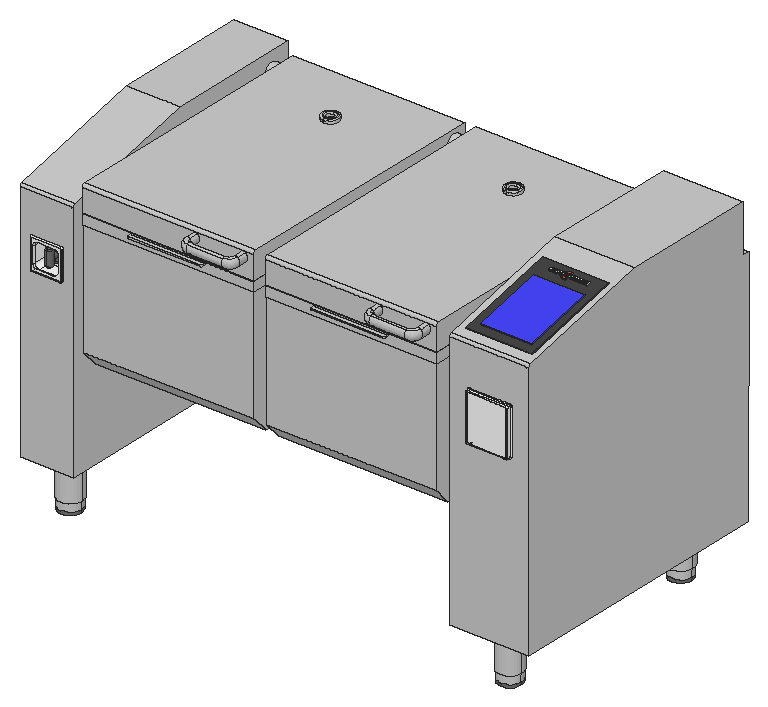
Revit family "QF_WELBILT-CONVOTHERM_FLEXX_PRO_101_DM_260211051051", category Specialty Equipment, Revit 2021
Family settings
  Round Connector Dimension = Use Diameter
  Part Type = Normal
  OmniClass Number = 23.40.40.14
  OmniClass Title = Food Service Equipment
  Work Plane-Based = No
  Always vertical = Yes
  Cut with Voids When Loaded = No
  Shared = No
  Room Calculation Point = No
Parameters (values of type "JI-MKH-014")
  Weight [instance] = 355.00 kg
  Waste Water Discharge Temperature [instance] = 0 °C
  Waste Remarks [instance] = ""
  Warranty Start Date [instance] = ""
  Warranty Duration [instance] = ""
  Volts [instance] = 400 V
  Volt Free Conn [instance] = no
  URL Recommended Spares List [instance] = ""
  URL Manufacturer [instance] = ""
  URL Cutsheet [instance] = ""
  URL Critical Spares List [instance] = ""
  URL = "www.convotherm.com"
  Technical Documentation [instance] = ""
  Tag Number [instance] = ""
  Status [instance] = ""
  Start Up Current [instance] = 0 A
  Specification by User [instance] = ""
  Specification by Manufacturer [instance] = ""
  Sound Level [instance] = ""
  Show Logo [instance] = yes
  Show Clearances [instance] = yes
  Service Life Duration [instance] = ""
  Serial Number [instance] = ""
  Seismic Rating [instance] = ""
  SMACNA No [instance] = ""
  Revision Code [instance] = ""
  Revision [instance] = ""
  Production Year [instance] = ""
  Potential Equalisation [instance] = no
  Point Load [instance] = 0
  Plumbing Remarks [instance] = ""
  Plumbing Connection Type [instance] = ""
  Phase [instance] = 3
  Other Equipment Approvals [instance] = ""
  Operational Current [instance] = 0 A
  Odor Trap Included [instance] = no
  Number of Poles [instance] = 3
  No Load Power Draw [instance] = no
  National Water Regulation Certification [instance] = no
  NAFEM Spec ID Number [instance] = ""
  Model Warning [instance] = ""
  Model = "FLEXX PRO 101 DM"
  Min Ckt Ampacity [instance] = 0 A
  Max Overcurrent Protection [instance] = 40 A
  Masterspec [instance] = ""
  Manufacturer = "WELBILT-CONVOTHERM"
  Main switch integrated [instance] = no
  Length Actual [instance] = 1580 mm
  Item Number [instance] = ""
  Installed By [instance] = ""
  Installation Date [instance] = ""
  Indirect Waste Size [instance] = 50.8 mm
  Indirect Waste Remarks [instance] = ""
  Indirect Waste Flow [instance] = 0.0 L/s
  Indirect Waste Connection Type [instance] = ""
  Indirect Waste Connection Height [instance] = 0 mm
  Identify Quantity as Lot [instance] = no
  ID [instance] = ""
  Hygiene Approval [instance] = ""
  Height Actual [instance] = 1050 mm
  HP power [instance] = ""
  Furnished By [instance] = ""
  Foodservice Equipment Identifier [instance] = no
  FL Amps [instance] = 48 A
  Electrical Remarks [instance] = "Plug not included"
  Electric power [instance] = 27500 W
  Electric Connection Type [instance] = "Cord&Plug"
  Elec Conn RI Height [instance] = 0 mm
  Elec Conn Connection Height [instance] = 0 mm
  ETL Approved [instance] = no
  Direct Waste Water Discharge Temperature [instance] = -273.15 °C
  Direct Waste Size [instance] = 50.8 mm
  Direct Waste RI Height [instance] = 0 mm
  Direct Waste Flow [instance] = 0.0 L/s
  Direct Waste Connection Height [instance] = 0 mm
  Description = "MULTIFUNCTION COOKING DEVICE 2XGN 1/1 2X49LT"
  Depth Actual [instance] = 850 mm
  Default Elevation = 0 mm
  Cycle [instance] = 50 Hz
  Cost = 0
  Connection to energy optimisation system [instance] = yes
  Conn Plug [instance] = ""
  Conn Conduit [instance] = no
  Cold Water Temperature Recommended [instance] = 0 °C
  Cold Water Size [instance] = 19.05 mm
  Cold Water Remarks [instance] = ""
  Cold Water RI Height [instance] = 0 mm
  Cold Water Quality [instance] = ""
  Cold Water Minimum Pressure [instance] = 200000.0 Pa
  Cold Water Maximum Pressure [instance] = 600000.0 Pa
  Cold Water Flow [instance] = 0.0 L/s
  Cold Water Connection Type [instance] = ""
  Cold Water Connection Height [instance] = 0 mm
  Centralized building control system with digital interface [instance] = ""
  CSI MasterFormat [instance] = ""
  CE Approved [instance] = no
  Barcode [instance] = 0
  Author [instance] = ""
  Asset Identifier [instance] = ""
  Apparent Power [instance] = 27500 VA
  Accessory [instance] = no
Reference planes
  plane 1 "Center (Front/Back)": y = 0
  plane 2: z = 0
  plane 3 "Center (Left/Right)": x = 0
Forms (mm)
  Extrusion 1, solid, not visible
    sketch origin (1480.072, -100.005, 252.012) x (1, 0, 0) y (0, 1, 0)
      loop
        line (-2, 2) -> (-2, -2) -> (2, -2) -> (2, 2) -> (-2, 2)
    from -2 to 2
  Extrusion 2, solid, not visible
    sketch origin (714.035, -500.024, 464.023) x (1, 0, 0) y (0, 1, 0)
      loop
        line (-2, 2) -> (-2, -2) -> (2, -2) -> (2, 2) -> (-2, 2)
    from -2 to 2
  Extrusion 3, solid, not visible
    sketch origin (160.008, -100.005, 170.008) x (1, 0, 0) y (0, 1, 0)
      loop
        line (-2, 2) -> (-2, -2) -> (2, -2) -> (2, 2) -> (-2, 2)
    from -2 to 2
Dimensions and locks
  locked: nested 2 to Extrusion 1 at 2  (x2)
  locked: nested 3 to Extrusion 2 at 2  (x2)
  locked: nested 4 to Extrusion 3 at 2
  locked: nested 4 to Extrusion 3
  aligned and locked: level to plane 2
Nested families
  nested 1: "QF_WELBILT-CONVOTHERM_JI-MKH-014_2920" at (0, 0, 150), type "JI-MKH-014"
    with Weight 355.00 kg, Warranty Start Date "", Warranty Duration "", URL Cutsheet "", Technical Documentation "", Tag Number "", Status "", Specification by User "", Specification by Manufacturer "", Sound Level "", Solid Fuel Type "", Show Logo yes, Show Clearances yes, Service Life Duration "", Serial Number "", Seismic Rating "", SMACNA No "", Revision Code "", Revision "", Production Year "", Point Load 0, Other Equipment Approvals "", NAFEM Spec ID Number "", Model Warning "", Masterspec "", Length Actual 1580 mm, Item Number "", Installed By "", Installation Date "", Identify Quantity as Lot yes, ID "", Hygiene Approval "", Height Actual 1050 mm, Furnished By "", Foodservice Equipment Identifier yes, ETL Approved yes, Depth Actual 850 mm, CSI MasterFormat "", CE Approved yes, Barcode "", Asset Identifier "", Accessory no
  nested 2: "CONN_POINT_COLDWATER_2D___Generic_Annotation" at (1480.072, -100.005, 250.012), type "CONN_POINT_COLDWATER_2D___Generic_Annotation"
    with Onboard connection annotation symbol visibility yes
  nested 3: "CONN_POINT_DRAIN_2D___Generic_Annotation" at (714.035, -500.024, 462.023), type "CONN_POINT_DRAIN_2D___Generic_Annotation"
    with Onboard connection annotation symbol visibility yes
  nested 4: "CONN_POINT_ELE_2D___Generic_Annotation" at (162.008, -100.005, 170.008), type "CONN_POINT_ELE_2D___Generic_Annotation"
    with Onboard connection annotation symbol visibility yes
  nested 5: "QF_WELBILT-CONVOTHERM_FLEXX-PRO-FEETS" at (0, 0, 0), type "K6257503"
    with Weight 0.00 kg, Warranty Start Date "", Warranty Duration "", URL Cutsheet "", Technical Documentation "", Tag Number "", Status "", Specification by User "", Specification by Manufacturer "", Sound Level "", Solid Fuel Type "", Show Logo yes, Show Clearances yes, Service Life Duration "", Serial Number "", Seismic Rating "", SMACNA No "", Revision Code "", Revision "", Production Year "", Point Load 0, Other Equipment Approvals "", NAFEM Spec ID Number "", Model Warning "", Masterspec "", Length Actual 1580 mm, Item Number "", Installed By "", Installation Date "", Identify Quantity as Lot yes, ID "", Hygiene Approval "", Height Actual 150 mm, Furnished By "", Foodservice Equipment Identifier yes, ETL Approved yes, Depth Actual 850 mm, CSI MasterFormat "", CE Approved yes, Barcode "", Asset Identifier "", Accessory yes
Connectors
  piping at (1480.072, -100.005, 250.012), diameter 19.05, driven by "Cold Water Size", driven by "Cold Water Flow"
    settings: on Extrusion 1, index 1, connector inside diameter 609.6 mm, connector length 0 mm, flow factor 0, pipe flow 0.0 L/s, pressure drop 0.0 Pa, fitting loss kfactor 0, connector angle 0.00°, fixture units 0, engagement length 0 mm, angle of deflection 0.00°, flow configuration 1, flow direction 1, fitting loss method 0, system type 20, joint type 0, gender type 0, connector reference index -1, connector utility 0, adjustable connector no, is connector primary yes, connector description "Cold Water connection for FLEXX PRO 101 DM"
  piping at (714.035, -500.024, 462.023), diameter 50.8, driven by "Indirect Waste Size", driven by "Direct Waste Flow"
    settings: on Extrusion 2, index 2, connector inside diameter 609.6 mm, connector length 0 mm, flow factor 0, pipe flow 0.0 L/s, pressure drop 0.0 Pa, fitting loss kfactor 0, connector angle 0.00°, fixture units 0, engagement length 0 mm, angle of deflection 0.00°, flow configuration 1, flow direction 2, fitting loss method 0, system type 16, joint type 0, gender type 0, connector reference index -1, connector utility 0, adjustable connector no, is connector primary no, connector description "Waste connection for FLEXX PRO 101 DM"
  electrical at (162.008, -100.005, 170.008), driven by "Apparent Power", driven by "Number of Poles", driven by "Volts"
    settings: on Extrusion 3, index 3, voltage 400 V, apparent load 0 VA, apparent load phase1 27500 VA, apparent load phase2 0 VA, apparent load phase3 0 VA, power factor 1, load classification "Other", number of poles 3, system type 31, power factor state 1, is connector primary yes, connector utility no, sub classification motor no, connector description "Electrical connection for FLEXX PRO 101 DM"
Definition of nested family "QF_WELBILT-CONVOTHERM_JI-MKH-014_2920"
  Parameters (values of type "JI-MKH-014")
    Weight [instance] = 0.00 kg
    Warranty Start Date [instance] = ""
    Warranty Duration [instance] = ""
    URL Cutsheet [instance] = ""
    URL = "www.convotherm.com"
    Technical Documentation [instance] = ""
    Tag Number [instance] = ""
    Status [instance] = ""
    Specification by User [instance] = ""
    Specification by Manufacturer [instance] = ""
    Sound Level [instance] = ""
    Solid Fuel Type [instance] = ""
    Show Logo [instance] = yes
    Show Clearances [instance] = yes
    Service Life Duration [instance] = ""
    Serial Number [instance] = ""
    Seismic Rating [instance] = ""
    SMACNA No [instance] = ""
    Revision Code [instance] = ""
    Revision [instance] = ""
    Production Year [instance] = ""
    Point Load [instance] = 0
    Other Equipment Approvals [instance] = ""
    NAFEM Spec ID Number [instance] = ""
    Model Warning [instance] = ""
    Model = "FLEXX PRO 101 DM"
    Masterspec [instance] = ""
    Manufacturer = "WELBILT-CONVOTHERM"
    Length Actual [instance] = 0 mm
    Item Number [instance] = ""
    Installed By [instance] = ""
    Installation Date [instance] = ""
    Identify Quantity as Lot [instance] = yes
    ID [instance] = ""
    Hygiene Approval [instance] = ""
    Height Actual [instance] = 0 mm
    Furnished By [instance] = ""
    Foodservice Equipment Identifier [instance] = yes
    ETL Approved [instance] = yes
    Description = "MULTIFUNCTION COOKING DEVICE 2XGN 1/1 2X49LT"
    Depth Actual [instance] = 0 mm
    Default Elevation = 0 mm
    CSI MasterFormat [instance] = ""
    CE Approved [instance] = yes
    Barcode [instance] = ""
    Author = "SPECIFI"
    Asset Identifier [instance] = ""
    Assembly Code = "E1090320"
    Accessory [instance] = yes
  Reference planes
    plane 1 "Back": y = 0
    plane 2: z = 0
    plane 3 "Left": x = 0
    plane 4 "Right": x = 1580
    plane 5 "Front": y = -850
    plane 6 "Top": z = 900
  Forms (mm)
    Extrusion 1, solid
      sketch origin (0, 0, -150) x (0, 1, 0) y (0, 0, 1)
        loop
          line (0, 150) -> (0, 902) -> (-20, 902) -> (-20, 1000) -> (-435, 1000) -> (-842.983, 907.833)
          arc (-842.983, 907.833) -> (-848.03, 904.673) -> (-850, 899.054) r 9
          line (-850, 899.054) -> (-850, 150) -> (0, 150)
      from 0 to 166
    Extrusion 2, solid
      sketch origin (1580, 10, -150) x (0, -1, 0) y (0, 0, 1)
        loop
          line (10, 150) -> (860, 150) -> (860, 950.639)
          arc (860, 950.639) -> (858.03, 956.258) -> (852.983, 959.418) r 9
          line (852.983, 959.418) -> (452.017, 1050) -> (30, 1050) -> (30, 902) -> (10, 902) -> (10, 150)
      from 0 to 246
    Extrusion 3, solid
      sketch origin (0, 0, -150) x (0, 1, 0) y (0, 0, 1)
        loop
          line (-131.5, 462.3) -> (-131.5, 868.5) -> (-855.5, 868.5) -> (-855.5, 512.65) -> (-810.5, 462.3) -> (-131.5, 462.3)
      from 203 to 729
    Extrusion 4, solid
      sketch origin (0, 0, -150) x (0, 1, 0) y (0, 0, 1)
        loop
          line (-859, 898.5) -> (-859, 868.5) -> (-128, 868.5) -> (-128, 898.5) -> (-859, 898.5)
      from 200 to 732
    Extrusion 5, solid
      sketch origin (0, 0, -149) x (0, 1, 0) y (0, 0, 1)
        loop
          circle (-755, 536) r 30
      from 170 to 199
    Extrusion 6, solid
      sketch origin (0, 0, -149) x (0, 1, 0) y (0, 0, 1)
        loop
          circle (-755, 536) r 40
      from 166 to 170
    Extrusion 7, solid
      sketch origin (0, 0, -149) x (0, 1, 0) y (0, 0, 1)
        loop
          circle (-755, 536) r 40
      from 199 to 203
    Extrusion 8, solid
      sketch origin (1501, 0, -149) x (0, 1, 0) y (0, 0, -1)
        loop
          circle (-755, -536) r 30
      from 171 to 200
    Extrusion 9, solid
      sketch origin (1500, 0, -149) x (0, 1, 0) y (0, 0, -1)
        loop
          circle (-755, -536) r 40
      from 166 to 170
    Extrusion 10, solid
      sketch origin (0, -0.3, -150) x (0, 1, 0) y (0, 0, 1)
        loop
          line (-40.7, 914) -> (-40.7, 981) -> (-849.7, 981)
          arc (-849.7, 981) -> (-856.064, 978.364) -> (-858.7, 972) r 9
          line (-858.7, 972) -> (-858.7, 901) -> (-70.7, 901) -> (-40.7, 914)
      from 200 to 732
    Extrusion 11, solid
      sketch origin (0, 0, -150) x (0, 1, 0) y (0, 0, 1)
        loop
          circle (-85, 946) r 25
      from 166 to 200
    Extrusion 12, solid
      sketch origin (1500, 0, -150) x (0, 1, 0) y (0, 0, -1)
        loop
          circle (-85, -946) r 25
      from 166 to 200
    Extrusion 13, solid
      sketch origin (-140.7, 0, -150) x (1, 0, 0) y (0, 1, 0)
        loop
          arc (491.7, -869) -> (493.164, -872.536) -> (496.7, -874) r 5
          line (496.7, -874) -> (716.7, -874)
          arc (716.7, -874) -> (720.236, -872.536) -> (721.7, -869) r 5
          line (721.7, -869) -> (721.7, -859) -> (491.7, -859) -> (491.7, -869)
      from 892.5 to 895.5
    Extrusion 14, solid
      sketch origin (0, 0, -150) x (0, 1, 0) y (0, 0, 1)
        loop
          line (-232, 150) -> (0, 150) -> (0, 902) -> (-33, 902) -> (-46.715, 831.44) -> (-101, 792) -> (-101, 462) -> (-232, 423.097) -> (-232, 150)
      from 166 to 1334
    Sweep 15, solid
      path origin (287, -850, -150) x (-1, 0, 0) y (0, 0, 1)
        loop
          line (-1108.5, 825.639) -> (-1231.5, 825.639)
          arc (-1231.5, 825.639) -> (-1231.854, 825.492) -> (-1232, 825.139) r 0.5
          line (-1232, 825.139) -> (-1232, 684.139)
          arc (-1232, 684.139) -> (-1231.854, 683.785) -> (-1231.5, 683.639) r 0.5
          line (-1231.5, 683.639) -> (-1108.5, 683.639)
          arc (-1108.5, 683.639) -> (-1108.146, 683.785) -> (-1108, 684.139) r 0.5
          line (-1108, 684.139) -> (-1108, 825.139)
          arc (-1108, 825.139) -> (-1108.146, 825.492) -> (-1108.5, 825.639) r 0.5
      profile origin (1457, -850, 675.639) x (0, 0, -1) y (0, 1, 0)
        loop
          line (0, -13) -> (0, 0) -> (-6, 0)
          arc (-6, 0) -> (-3.879, -0.879) -> (-3, -3) r 3
          line (-3, -3) -> (-3, -10)
          arc (-3, -10) -> (-2.121, -12.121) -> (0, -13) r 3
    Extrusion 16, solid
      sketch origin (287, -850, -150) x (-1, 0, 0) y (0, 0, 1)
        loop
          arc (-1231.5, 825.639) -> (-1231.854, 825.492) -> (-1232, 825.139) r 0.5
          line (-1232, 825.139) -> (-1232, 684.139)
          arc (-1232, 684.139) -> (-1231.854, 683.785) -> (-1231.5, 683.639) r 0.5
          line (-1231.5, 683.639) -> (-1108.5, 683.639)
          arc (-1108.5, 683.639) -> (-1108.146, 683.785) -> (-1108, 684.139) r 0.5
          line (-1108, 684.139) -> (-1108, 825.139)
          arc (-1108, 825.139) -> (-1108.146, 825.492) -> (-1108.5, 825.639) r 0.5
          line (-1108.5, 825.639) -> (-1231.5, 825.639)
      from 0 to -13
    Revolve 17, solid
      sketch origin (466, 0, -160) x (0, 1, 0) y (0, 0, 1)
        loop
          line (-216.7, 991) -> (-204.2, 991) -> (-204.2, 998)
          arc (-204.2, 998) -> (-205.079, 1000.121) -> (-207.2, 1001) r 3
          line (-207.2, 1001) -> (-213.7, 1001)
          arc (-213.7, 1001) -> (-215.821, 1000.121) -> (-216.7, 998) r 3
          line (-216.7, 998) -> (-216.7, 991)
        axis (-229.2, 991) -> (-229.2, 1001)
      angle from 0 to 360
    Extrusion 18, solid, visible <- "Show Clearances", detail levels coarse
      sketch origin (0, 0, -160) x (0, 1, 0) y (0, 0, 1)
        loop
          line (-41, 991) -> (-41, 1707)
          arc (-41, 1707) -> (-587.269, 1505.824) -> (-859, 991) r 813
          line (-859, 991) -> (-41, 991)
      from 200 to 732
    Sweep 19, solid
      path origin (0, -850, -150) x (-1, 0, 0) y (0, 0, 1)
        loop
          arc (-129.2, 776.554) -> (-129.554, 776.407) -> (-129.7, 776.054) r 0.5
          line (-129.7, 776.054) -> (-129.7, 684.054)
          arc (-129.7, 684.054) -> (-129.554, 683.7) -> (-129.2, 683.554) r 0.5
          line (-129.2, 683.554) -> (-37.2, 683.554)
          arc (-37.2, 683.554) -> (-36.846, 683.7) -> (-36.7, 684.054) r 0.5
          line (-36.7, 684.054) -> (-36.7, 776.054)
          arc (-36.7, 776.054) -> (-36.846, 776.407) -> (-37.2, 776.554) r 0.5
          line (-37.2, 776.554) -> (-129.2, 776.554)
      profile origin (83.2, -850, 626.554) x (0, 0, 1) y (0, 1, 0)
        loop
          line (0, 0) -> (0, -5)
          arc (0, -5) -> (2.121, -4.121) -> (3, -2) r 3
          line (3, -2) -> (3, 0) -> (0, 0)
    Extrusion 20, solid
      sketch origin (0, -850, -150) x (-1, 0, 0) y (0, 0, 1)
        loop
          arc (-107.7, 769.21) -> (-118.064, 764.918) -> (-122.357, 754.554) r 14.657
          line (-122.357, 754.554) -> (-122.357, 705.554)
          arc (-122.357, 705.554) -> (-118.064, 695.19) -> (-107.7, 690.897) r 14.657
          line (-107.7, 690.897) -> (-58.7, 690.897)
          arc (-58.7, 690.897) -> (-48.336, 695.19) -> (-44.043, 705.554) r 14.657
          line (-44.043, 705.554) -> (-44.043, 754.554)
          arc (-44.043, 754.554) -> (-48.336, 764.918) -> (-58.7, 769.21) r 14.657
          line (-58.7, 769.21) -> (-107.7, 769.21)
        loop
          line (-37.2, 776.554) -> (-129.2, 776.554)
          arc (-129.2, 776.554) -> (-129.554, 776.407) -> (-129.7, 776.054) r 0.5
          line (-129.7, 776.054) -> (-129.7, 684.054)
          arc (-129.7, 684.054) -> (-129.554, 683.7) -> (-129.2, 683.554) r 0.5
          line (-129.2, 683.554) -> (-37.2, 683.554)
          arc (-37.2, 683.554) -> (-36.846, 683.7) -> (-36.7, 684.054) r 0.5
          line (-36.7, 684.054) -> (-36.7, 776.054)
          arc (-36.7, 776.054) -> (-36.846, 776.407) -> (-37.2, 776.554) r 0.5
      from 0 to -5
    Extrusion 21, solid
      sketch origin (0, -850, -150) x (-1, 0, 0) y (0, 0, 1)
        loop
          line (-58.7, 772.185) -> (-107.7, 772.185)
          arc (-107.7, 772.185) -> (-120.167, 767.021) -> (-125.331, 754.554) r 17.631
          line (-125.331, 754.554) -> (-125.331, 705.554)
          arc (-125.331, 705.554) -> (-120.167, 693.087) -> (-107.7, 687.923) r 17.631
          line (-107.7, 687.923) -> (-58.7, 687.923)
          arc (-58.7, 687.923) -> (-46.233, 693.087) -> (-41.069, 705.554) r 17.631
          line (-41.069, 705.554) -> (-41.069, 754.554)
          arc (-41.069, 754.554) -> (-46.233, 767.021) -> (-58.7, 772.185) r 17.631
        loop
          arc (-107.7, 769.21) -> (-118.064, 764.918) -> (-122.357, 754.554) r 14.657
          line (-122.357, 754.554) -> (-122.357, 705.554)
          arc (-122.357, 705.554) -> (-118.064, 695.19) -> (-107.7, 690.897) r 14.657
          line (-107.7, 690.897) -> (-58.7, 690.897)
          arc (-58.7, 690.897) -> (-48.336, 695.19) -> (-44.043, 705.554) r 14.657
          line (-44.043, 705.554) -> (-44.043, 754.554)
          arc (-44.043, 754.554) -> (-48.336, 764.918) -> (-58.7, 769.21) r 14.657
          line (-58.7, 769.21) -> (-107.7, 769.21)
      from 0 to 43
    Extrusion 22, void
      sketch origin (0, -850, -150) x (-1, 0, 0) y (0, 0, 1)
        loop
          line (-58.7, 772.185) -> (-107.7, 772.185)
          arc (-107.7, 772.185) -> (-120.167, 767.021) -> (-125.331, 754.554) r 17.631
          line (-125.331, 754.554) -> (-125.331, 705.554)
          arc (-125.331, 705.554) -> (-120.167, 693.087) -> (-107.7, 687.923) r 17.631
          line (-107.7, 687.923) -> (-58.7, 687.923)
          arc (-58.7, 687.923) -> (-46.233, 693.087) -> (-41.069, 705.554) r 17.631
          line (-41.069, 705.554) -> (-41.069, 754.554)
          arc (-41.069, 754.554) -> (-46.233, 767.021) -> (-58.7, 772.185) r 17.631
      from -5 to 43
    Extrusion 23, solid
      sketch origin (0, -850, -150) x (-1, 0, 0) y (0, 0, 1)
        loop
          arc (-107.7, 769.21) -> (-118.064, 764.918) -> (-122.357, 754.554) r 14.657
          line (-122.357, 754.554) -> (-122.357, 705.554)
          arc (-122.357, 705.554) -> (-118.064, 695.19) -> (-107.7, 690.897) r 14.657
          line (-107.7, 690.897) -> (-58.7, 690.897)
          arc (-58.7, 690.897) -> (-48.336, 695.19) -> (-44.043, 705.554) r 14.657
          line (-44.043, 705.554) -> (-44.043, 754.554)
          arc (-44.043, 754.554) -> (-48.336, 764.918) -> (-58.7, 769.21) r 14.657
          line (-58.7, 769.21) -> (-107.7, 769.21)
      from 40 to 43
    Revolve 24, solid
      sketch origin (83.2, 0, -150) x (0, 1, 0) y (0, 0, 1)
        loop
          line (-840, 753.054) -> (-847.5, 753.054) -> (-847.5, 750.054) -> (-851, 750.054) -> (-851, 708.054) -> (-848, 705.054) -> (-840, 705.054) -> (-840, 753.054)
        axis (-840, 753.054) -> (-840, 705.054)
      angle from 0 to 360
    Revolve 25, solid
      sketch origin (83.2, 0, -150) x (0, 1, 0) y (0, 0, 1)
        loop
          line (-810, 730.054) -> (-810, 757.554) -> (-812, 757.554) -> (-820.172, 754.085)
          arc (-820.172, 754.085) -> (-821.502, 752.979) -> (-822, 751.323) r 3
          line (-822, 751.323) -> (-822, 741.054) -> (-840, 741.054) -> (-840, 730.054) -> (-810, 730.054)
        axis (-810, 730.054) -> (-840, 730.054)
      angle from 0 to 360
    Extrusion 26, solid
      sketch origin (287, 1914.493, 1343.992) x (0, 0.975419, 0.220357) y (-1, 0, 0)
        loop
          line (-2472.158, -1067.5) -> (-2776.158, -1067.5) -> (-2776.158, -1272.5) -> (-2472.158, -1272.5) -> (-2472.158, -1067.5)
      from 85 to 87
    Extrusion 27, solid
      sketch origin (287, 1914.493, 1343.992) x (0, 0.975419, 0.220357) y (-1, 0, 0)
        loop
          line (-2537.158, -1090.5) -> (-2748.158, -1090.5) -> (-2748.158, -1249.5) -> (-2537.158, -1249.5) -> (-2537.158, -1090.5)
      from 85 to 88
    Extrusion 28, solid
      sketch origin (1500, 0, -149) x (0, 1, 0) y (0, 0, -1)
        loop
          circle (-755, -536) r 40
      from 199 to 203
    Sweep 29, solid
      path origin (0, 0, 806) x (0, 1, 0) y (-1, 0, 0)
        loop
          line (-859, -562.5) -> (-890, -562.5)
          arc (-890, -562.5) -> (-896.364, -565.136) -> (-899, -571.5) r 9
          line (-899, -571.5) -> (-899, -681.5)
          arc (-899, -681.5) -> (-896.364, -687.864) -> (-890, -690.5) r 9
          line (-890, -690.5) -> (-859, -690.5)
      profile origin (562.5, -874.5, 806) x (1, 0, 0) y (0, 0, 1)
        loop
          arc (-15.571, 13) -> (-21.143, 0) -> (-15.571, -13) r 17.952
          arc (-15.571, -13) -> (-10.571, -15) -> (-5.571, -13) r 7.25
          arc (-5.571, -13) -> (0, 0) -> (-5.571, 13) r 17.952
          arc (-5.571, 13) -> (-10.571, 15) -> (-15.571, 13) r 7.25
    Extrusion 30, solid
      sketch origin (568, 0, -150) x (0, 1, 0) y (0, 0, 1)
        loop
          line (-131.5, 462.3) -> (-131.5, 868.5) -> (-855.5, 868.5) -> (-855.5, 512.65) -> (-810.5, 462.3) -> (-131.5, 462.3)
      from 203 to 729
    Extrusion 31, solid
      sketch origin (568, 0, -150) x (0, 1, 0) y (0, 0, 1)
        loop
          line (-859, 898.5) -> (-859, 868.5) -> (-128, 868.5) -> (-128, 898.5) -> (-859, 898.5)
      from 200 to 732
    Extrusion 32, solid
      sketch origin (568, -0.3, -150) x (0, 1, 0) y (0, 0, 1)
        loop
          line (-40.7, 914) -> (-40.7, 981) -> (-849.7, 981)
          arc (-849.7, 981) -> (-856.064, 978.364) -> (-858.7, 972) r 9
          line (-858.7, 972) -> (-858.7, 901) -> (-70.7, 901) -> (-40.7, 914)
      from 200 to 732
    Extrusion 33, solid
      sketch origin (427.3, 0, -150) x (1, 0, 0) y (0, 1, 0)
        loop
          arc (491.7, -869) -> (493.164, -872.536) -> (496.7, -874) r 5
          line (496.7, -874) -> (716.7, -874)
          arc (716.7, -874) -> (720.236, -872.536) -> (721.7, -869) r 5
          line (721.7, -869) -> (721.7, -859) -> (491.7, -859) -> (491.7, -869)
      from 892.5 to 895.5
    Revolve 34, solid
      sketch origin (1034, 0, -160) x (0, 1, 0) y (0, 0, 1)
        loop
          line (-216.7, 991) -> (-204.2, 991) -> (-204.2, 998)
          arc (-204.2, 998) -> (-205.079, 1000.121) -> (-207.2, 1001) r 3
          line (-207.2, 1001) -> (-213.7, 1001)
          arc (-213.7, 1001) -> (-215.821, 1000.121) -> (-216.7, 998) r 3
          line (-216.7, 998) -> (-216.7, 991)
        axis (-229.2, 991) -> (-229.2, 1001)
      angle from 0 to 360
    Extrusion 35, solid, visible <- "Show Clearances", detail levels coarse
      sketch origin (568, 0, -160) x (0, 1, 0) y (0, 0, 1)
        loop
          line (-41, 991) -> (-41, 1707)
          arc (-41, 1707) -> (-587.269, 1505.824) -> (-859, 991) r 813
          line (-859, 991) -> (-41, 991)
      from 200 to 732
    Sweep 36, solid
      path origin (568, 0, 806) x (0, 1, 0) y (-1, 0, 0)
        loop
          line (-859, -562.5) -> (-890, -562.5)
          arc (-890, -562.5) -> (-896.364, -565.136) -> (-899, -571.5) r 9
          line (-899, -571.5) -> (-899, -681.5)
          arc (-899, -681.5) -> (-896.364, -687.864) -> (-890, -690.5) r 9
          line (-890, -690.5) -> (-859, -690.5)
      profile origin (1130.5, -874.5, 806) x (1, 0, 0) y (0, 0, 1)
        loop
          arc (-15.571, 13) -> (-21.143, 0) -> (-15.571, -13) r 17.952
          arc (-15.571, -13) -> (-10.571, -15) -> (-5.571, -13) r 7.25
          arc (-5.571, -13) -> (0, 0) -> (-5.571, 13) r 17.952
          arc (-5.571, 13) -> (-10.571, 15) -> (-15.571, 13) r 7.25
    Extrusion 37, solid
      sketch origin (938, 0, -149) x (0, 1, 0) y (0, 0, -1)
        loop
          circle (-755, -536) r 30
      from 171 to 205
    Extrusion 38, solid
      sketch origin (937, 0, -149) x (0, 1, 0) y (0, 0, -1)
        loop
          circle (-755, -536) r 40
      from 166 to 170
    Extrusion 39, solid
      sketch origin (937, 0, -150) x (0, 1, 0) y (0, 0, -1)
        loop
          circle (-85, -946) r 25
      from 169 to 205
    Extrusion 40, solid
      sketch origin (932, 0, -149) x (0, 1, 0) y (0, 0, -1)
        loop
          circle (-755, -536) r 40
      from 199 to 203
    Extrusion 41, solid, visible <- "Show Clearances", detail levels coarse
      sketch origin (0, 7.84, 912.803) x (0, 0.34202, 0.939693) y (0, -0.939693, 0.34202)
        loop
          line (-131.5, 462.3) -> (-131.5, 868.5) -> (-855.5, 868.5) -> (-855.5, 512.65) -> (-810.5, 462.3) -> (-131.5, 462.3)
      from 203 to 729
    Extrusion 42, solid, visible <- "Show Clearances", detail levels coarse
      sketch origin (0, 7.84, 912.803) x (0, 0.34202, 0.939693) y (0, -0.939693, 0.34202)
        loop
          line (-859, 898.5) -> (-859, 868.5) -> (-128, 868.5) -> (-128, 898.5) -> (-859, 898.5)
      from 200 to 732
    Extrusion 43, solid, visible <- "Show Clearances", detail levels coarse
      sketch origin (568, 7.84, 912.803) x (0, 0.34202, 0.939693) y (0, -0.939693, 0.34202)
        loop
          line (-131.5, 462.3) -> (-131.5, 868.5) -> (-855.5, 868.5) -> (-855.5, 512.65) -> (-810.5, 462.3) -> (-131.5, 462.3)
      from 203 to 729
    Extrusion 44, solid, visible <- "Show Clearances", detail levels coarse
      sketch origin (568, 7.84, 912.803) x (0, 0.34202, 0.939693) y (0, -0.939693, 0.34202)
        loop
          line (-859, 898.5) -> (-859, 868.5) -> (-128, 868.5) -> (-128, 898.5) -> (-859, 898.5)
      from 200 to 732
    Extrusion 45, solid, visible <- "Show Logo"
      sketch origin (964.704, -854.573, 193.005) x (1, 0, 0) y (0, 0.975419, 0.220357)
        loop
          line (493.556, 462.654) -> (493.556, 469.472)
          arc (493.556, 469.472) -> (472.307, 455.836) -> (493.556, 442.199) r 15
          line (493.556, 442.199) -> (493.556, 449.017)
          arc (493.556, 449.017) -> (480.852, 455.836) -> (493.556, 462.654) r 8.182
      from 598 to 600
    Extrusion 46, solid, visible <- "Show Logo"
      sketch origin (917.83, -854.463, 192.517) x (1, 0, 0) y (0, 0.975419, 0.220357)
        loop
          line (486.789, 458.563) -> (486.789, 461.29)
          arc (486.789, 461.29) -> (478.289, 455.836) -> (486.789, 450.381) r 6
          line (486.789, 450.381) -> (486.789, 453.108)
          arc (486.789, 453.108) -> (481.707, 455.836) -> (486.789, 458.563) r 3.273
        loop
          circle (495.124, 455.836) r 6
        loop
          circle (495.124, 455.836) r 3.266
        loop
          line (503.766, 449.836) -> (506.45, 449.836) -> (506.45, 457.877) -> (510.841, 449.836) -> (515.031, 449.836) -> (515.031, 461.836) -> (512.331, 461.836) -> (512.331, 452.741) -> (507.365, 461.836) -> (503.766, 461.836) -> (503.766, 449.836)
        loop
          line (516.563, 461.836) -> (520.462, 449.836) -> (524.172, 449.836) -> (528.071, 461.836) -> (524.719, 461.836) -> (522.317, 453.459) -> (519.915, 461.836) -> (516.563, 461.836)
        loop
          circle (535.182, 455.836) r 6
        loop
          circle (535.182, 455.836) r 3.266
        loop
          line (575.346, 461.836) -> (575.346, 449.836) -> (578.16, 449.836) -> (578.16, 454.169) -> (579.27, 454.169) -> (581.772, 449.836) -> (585.216, 449.836) -> (581.898, 454.755)
          arc (581.898, 454.755) -> (582.887, 455.385) -> (583.517, 456.374) r 2.709
          arc (583.517, 456.374) -> (583.803, 457.995) -> (583.517, 459.615) r 4.738
          arc (583.517, 459.615) -> (582.282, 461.225) -> (580.346, 461.836) r 3.374
          line (580.346, 461.836) -> (575.346, 461.836)
        loop
          line (578.16, 456.542) -> (579.584, 456.542)
          arc (579.584, 456.542) -> (581.041, 457.999) -> (579.584, 459.457) r 1.457
          line (579.584, 459.457) -> (578.16, 459.457) -> (578.16, 456.542)
        loop
          line (542.187, 461.836) -> (542.187, 459.168) -> (545.068, 459.168) -> (545.068, 449.836) -> (548.304, 449.836) -> (548.304, 459.168) -> (551.185, 459.168) -> (551.185, 461.836) -> (542.187, 461.836)
        loop
          line (553.224, 461.836) -> (553.224, 449.836) -> (556.106, 449.836) -> (556.106, 454.836) -> (559.986, 454.836) -> (559.986, 449.836) -> (562.867, 449.836) -> (562.867, 461.836) -> (559.986, 461.836) -> (559.986, 457.148) -> (556.106, 457.148) -> (556.106, 461.836) -> (553.224, 461.836)
        loop
          line (565.879, 461.836) -> (565.879, 449.836) -> (572.903, 449.836) -> (572.903, 452.163) -> (568.881, 452.163) -> (568.881, 454.612) -> (572.641, 454.612) -> (572.641, 457.059) -> (568.881, 457.059) -> (568.881, 459.508) -> (572.903, 459.508) -> (572.903, 461.836) -> (565.879, 461.836)
        loop
          line (586.65, 461.836) -> (586.65, 449.836) -> (589.336, 449.836) -> (589.336, 458.187) -> (591.769, 449.836) -> (594.811, 449.836) -> (597.244, 458.187) -> (597.244, 449.836) -> (599.93, 449.836) -> (599.93, 461.836) -> (595.875, 461.836) -> (593.29, 452.962) -> (590.705, 461.836) -> (586.65, 461.836)
      from 599 to 601
  Cuts and joins
    Extrusion 22 cuts Extrusion 1
    joined: Extrusion 1, Extrusion 2, Extrusion 14
  Lines and regions (mm)
    symbolic lines
      curve 1: line (0, 0, 0) -> (0, -850, 0)
      curve 2: line (0, -850, 0) -> (166, -850, 0)
      curve 3: line (166, -850, 0) -> (166, 0, 0)
      curve 4: line (200, -41, 0) -> (732, -41, 0)
      curve 5: line (200, -859, 0) -> (200, -41, 0)
      curve 6: line (1300, -859, 0) -> (768, -859, 0)
      curve 7: line (1300, -41, 0) -> (1300, -859, 0)
      curve 8: line (1334, -850, 0) -> (1334, 0, 0)
      curve 9: line (1580, -850, 0) -> (1580, 0, 0)
      curve 10: line (0, 0, 0) -> (1580, 0, 0)
      curve 11: line (166, -33, 0) -> (1334, -33, 0)
      curve 12: line (581, -869, 0) -> (581, -859, 0)
      curve 13: arc (576, -874, 0) -> (579.536, -872.536, 0) -> (581, -869, 0) r 5
      curve 14: line (356, -874, 0) -> (541.357, -874, 0)
      curve 15: arc (351, -869, 0) -> (352.464, -872.536, 0) -> (356, -874, 0) r 5
      curve 16: line (351, -859, 0) -> (351, -869, 0)
      curve 17: line (166, -715, 0) -> (170, -715, 0)
      curve 18: line (170, -715, 0) -> (170, -795, 0)
      curve 19: line (170, -795, 0) -> (166, -795, 0)
      curve 20: line (170, -725, 0) -> (200, -725, 0)
      curve 21: line (170, -785, 0) -> (200, -785, 0)
      curve 22: line (166, -110, 0) -> (200, -110, 0)
      curve 23: line (166, -60, 0) -> (200, -60, 0)
      curve 24: line (1334, -715, 0) -> (1330, -715, 0)
      curve 25: line (1330, -715, 0) -> (1330, -795, 0)
      curve 26: line (1330, -795, 0) -> (1334, -795, 0)
      curve 27: line (1330, -725, 0) -> (1300, -725, 0)
      curve 28: line (1330, -785, 0) -> (1300, -785, 0)
      curve 29: line (1334, -110, 0) -> (1300, -110, 0)
      curve 30: line (1334, -60, 0) -> (1300, -60, 0)
      curve 31: line (1334, -850, 0) -> (1580, -850, 0)
      curve 32: line (0, -435, 0) -> (166, -435, 0)
      curve 33: line (1334, -442.017, 0) -> (1580, -442.017, 0)
      curve 34: line (1334, -20, 0) -> (1580, -20, 0)
      curve 35: line (0, -20, 0) -> (166, -20, 0)
      curve 36: line (1354.5, -515.628, 0) -> (1559.5, -515.628, 0)
      curve 37: line (1354.5, -812.596, 0) -> (1354.5, -515.628, 0)
      curve 38: line (1559.5, -812.596, 0) -> (1354.5, -812.596, 0)
      curve 39: line (1559.5, -515.628, 0) -> (1559.5, -812.596, 0)
      curve 40: line (1377.5, -579.691, 0) -> (1536.5, -579.691, 0)
      curve 41: line (1377.5, -785.505, 0) -> (1377.5, -579.691, 0)
      curve 42: line (1536.5, -785.505, 0) -> (1377.5, -785.505, 0)
      curve 43: line (1536.5, -579.691, 0) -> (1536.5, -785.505, 0)
      curve 44: line (36.7, -855, 0) -> (129.7, -855, 0)
      curve 45: line (132.7, -850, 0) -> (132.7, -852, 0)
      curve 46: line (33.7, -850, 0) -> (33.7, -852, 0)
      curve 47: arc (33.7, -852, 0) -> (34.579, -854.121, 0) -> (36.7, -855, 0) r 3
      curve 48: arc (129.7, -855, 0) -> (131.821, -854.121, 0) -> (132.7, -852, 0) r 3
      curve 49: line (1395, -863, 0) -> (1519, -863, 0)
      curve 50: line (1392, -850, 0) -> (1392, -860, 0)
      curve 51: arc (1392, -860, 0) -> (1392.879, -862.121, 0) -> (1395, -863, 0) r 3
      curve 52: line (1522, -850, 0) -> (1522, -860, 0)
      curve 53: arc (1522, -860, 0) -> (1521.121, -862.121, 0) -> (1519, -863, 0) r 3
      curve 54: line (732, -41, 900) -> (732, -859, 900)
      curve 55: circle (466, -229.2, 900) r 12.5 normal (0, 0, 1)
      curve 56: circle (466, -229.2, 900) r 25 normal (0, 0, 1)
      curve 57: line (768, -859, 0) -> (768, -41, 0)
      curve 58: line (1300, -41, 900) -> (1300, -859, 900)
      curve 59: circle (1034, -229.2, 900) r 12.5 normal (0, 0, 1)
      curve 60: circle (1034, -229.2, 900) r 25 normal (0, 0, 1)
      curve 61: line (732, -859, 0) -> (200, -859, 0)
      curve 62: line (768, -41, 0) -> (1300, -41, 0)
      curve 63: line (768, -725, 0) -> (732, -725, 0)
      curve 64: line (768, -785, 0) -> (732, -785, 0)
      curve 65: line (768, -110, 0) -> (732, -110, 0)
      curve 66: line (768, -60, 0) -> (732, -60, 0)
      curve 67: line (711.643, -859, 900) -> (711.643, -891, 900)
      curve 68: line (541.357, -859, 900) -> (541.357, -891, 900)
      curve 69: line (570.357, -920, 900) -> (682.643, -920, 900)
      curve 70: line (562.5, -859, 900) -> (562.5, -890, 900)
      curve 71: line (571.5, -899, 900) -> (681.5, -899, 900)
      curve 72: line (690.5, -859, 900) -> (690.5, -890, 900)
      curve 73: arc (562.5, -890, 900) -> (565.136, -896.364, 900) -> (571.5, -899, 900) r 9
      curve 74: arc (681.5, -899, 900) -> (687.864, -896.364, 900) -> (690.5, -890, 900) r 9
      curve 75: arc (541.357, -891, 900) -> (549.851, -911.506, 900) -> (570.357, -920, 900) r 29
      curve 76: arc (682.643, -920, 900) -> (703.149, -911.506, 900) -> (711.643, -891, 900) r 29
      curve 77: line (562.5, -874, 0) -> (576, -874, 0)
      curve 78: line (1149, -869, 0) -> (1149, -859, 0)
      curve 79: arc (1144, -874, 0) -> (1147.536, -872.536, 0) -> (1149, -869, 0) r 5
      curve 80: line (924, -874, 0) -> (1109.357, -874, 0)
      curve 81: arc (919, -869, 0) -> (920.464, -872.536, 0) -> (924, -874, 0) r 5
      curve 82: line (919, -859, 0) -> (919, -869, 0)
      curve 83: line (1279.643, -859, 900) -> (1279.643, -891, 900)
      curve 84: line (1109.357, -859, 900) -> (1109.357, -891, 900)
      curve 85: line (1138.357, -920, 900) -> (1250.643, -920, 900)
      curve 86: line (1130.5, -859, 900) -> (1130.5, -890, 900)
      curve 87: line (1139.5, -899, 900) -> (1249.5, -899, 900)
      curve 88: line (1258.5, -859, 900) -> (1258.5, -890, 900)
      curve 89: arc (1130.5, -890, 900) -> (1133.136, -896.364, 900) -> (1139.5, -899, 900) r 9
      curve 90: arc (1249.5, -899, 900) -> (1255.864, -896.364, 900) -> (1258.5, -890, 900) r 9
      curve 91: arc (1109.357, -891, 900) -> (1117.851, -911.506, 900) -> (1138.357, -920, 900) r 29
      curve 92: arc (1250.643, -920, 900) -> (1271.149, -911.506, 900) -> (1279.643, -891, 900) r 29
      curve 93: line (1130.5, -874, 0) -> (1144, -874, 0)
    symbolic lines, visible <- "Show Clearances"
      curve 94: line (200, -859, 900) -> (200, -1130, 900)
      curve 95: line (200, -1130, 900) -> (732, -1130, 900)
      curve 96: line (732, -859, 900) -> (732, -1130, 900)
      curve 97: line (768, -859, 900) -> (768, -1130, 900)
      curve 98: line (768, -1130, 900) -> (1300, -1130, 900)
      curve 99: line (1300, -859, 900) -> (1300, -1130, 900)
  Dimensions and locks
    plane 3 "Left" to plane 4 "Right" = 1580 mm
    plane 5 "Front" to plane 1 "Back" = 850 mm
    aligned and locked: level to plane 2
Definition of nested family "QF_WELBILT-CONVOTHERM_FLEXX-PRO-FEETS"
  Parameters (values of type "K6257507")
    Weight [instance] = 0.00 kg
    Warranty Start Date [instance] = ""
    Warranty Duration [instance] = ""
    URL Cutsheet [instance] = ""
    URL = "www.convotherm.com"
    Technical Documentation [instance] = ""
    Tag Number [instance] = ""
    Status [instance] = ""
    Specification by User [instance] = ""
    Specification by Manufacturer [instance] = ""
    Sound Level [instance] = ""
    Solid Fuel Type [instance] = ""
    Show Logo [instance] = yes
    Show Clearances [instance] = yes
    Service Life Duration [instance] = ""
    Serial Number [instance] = ""
    Seismic Rating [instance] = ""
    SMACNA No [instance] = ""
    Right offset = 127.5 mm
    Revision Code [instance] = ""
    Revision [instance] = ""
    Rear offset = 102.5 mm
    Production Year [instance] = ""
    Point Load [instance] = 0
    Other Equipment Approvals [instance] = ""
    NAFEM Spec ID Number [instance] = ""
    Model Warning [instance] = ""
    Model = "K6257507"
    Masterspec [instance] = ""
    Manufacturer = "WELBILT-CONVOTHERM"
    Length Actual [instance] = 2009 mm
    Left offset = 87.5 mm
    Item Number [instance] = ""
    Installed By [instance] = ""
    Installation Date [instance] = ""
    Identify Quantity as Lot [instance] = yes
    ID [instance] = ""
    Hygiene Approval [instance] = ""
    Height Actual [instance] = 150 mm
    Furnished By [instance] = ""
    Front offset = 84.5 mm
    Foodservice Equipment Identifier [instance] = yes
    ETL Approved [instance] = yes
    Description = "4 FEETS H=150 MM"
    Depth Actual [instance] = 850 mm
    Default Elevation = 0 mm
    CSI MasterFormat [instance] = ""
    CE Approved [instance] = yes
    Barcode [instance] = ""
    Author = "SPECIFI"
    Asset Identifier [instance] = ""
    Assembly Code = "E1090320"
    Accessory [instance] = yes
  Types (5, lengths in mm): name | Model | Length Actual
    K6257504 | "K6257504" | 1651
    K6257501 | "K6257501" | 1293
    K6257503 | "K6257503" | 1580
    K6257506 | "K6257506" | 1756
    K6257507 | "K6257507" | 2009
  Reference planes
    plane 1 "Back": y = 0
    plane 2: z = 0
    plane 3 "Left": x = 0
    plane 4 "Right": x = 2009
    plane 5 "Front": y = -850
    plane 6 "Top": z = 150
    plane 7 "Left offset": x = 87.5
    plane 8 "Right offset": x = 1881.5
    plane 9 "Rear offset": y = -102.5
    plane 10 "Front offset": y = -765.5
  Dimensions and locks
    "Length Actual": plane 3 "Left" to plane 4 "Right"
    "Depth Actual": plane 5 "Front" to plane 1 "Back"
    "Left offset": plane 3 "Left" to plane 7 "Left offset"
    "Right offset": plane 8 "Right offset" to plane 4 "Right"
    "Rear offset": plane 9 "Rear offset" to plane 1 "Back"
    "Front offset": plane 10 "Front offset" to plane 5 "Front"
    "Height Actual": plane 6 "Top" to level
    plane 7 "Left offset" to plane 8 "Right offset" = 1794 mm
    aligned and locked: level to plane 2
    aligned and locked: nested 2 to plane 8 "Right offset"
    aligned and locked: nested 3 to plane 8 "Right offset"
    aligned and locked: nested 4 to plane 7 "Left offset"
    aligned and locked: nested 4 to plane 10 "Front offset"
    aligned and locked: nested 3 to plane 10 "Front offset"
    aligned and locked: nested 1 to plane 7 "Left offset"
    aligned and locked: nested 1 to plane 9 "Rear offset"
    aligned and locked: nested 2 to plane 9 "Rear offset"
  Nested families
    nested 1: "QF_WELBILT-CONVOTHERM_LEG" at (87.5, -102.5, 0), type "LEG"
    nested 2: "QF_WELBILT-CONVOTHERM_LEG" at (1881.5, -102.5, 0), type "LEG"
    nested 3: "QF_WELBILT-CONVOTHERM_LEG" at (1881.5, -765.5, 0), type "LEG"
    nested 4: "QF_WELBILT-CONVOTHERM_LEG" at (87.5, -765.5, 0), type "LEG"
  Definition of nested family "QF_WELBILT-CONVOTHERM_LEG"
    Parameters (values of type "LEG")
      Height = 150 mm
      Default Elevation = 0 mm
    Reference planes
      plane 1 "Center (Front/Back)": y = 0
      plane 2: z = 0
      plane 3 "Center (Left/Right)": x = 0
      plane 4 "Top": z = 150
    Forms (mm)
      Extrusion 1, solid
        sketch origin (0, 0, 150) x (0, 1, 0) y (-1, 0, 0)
          loop
            arc (52.5, 47.5) -> (51.036, 51.036) -> (47.5, 52.5) r 5
            line (47.5, 52.5) -> (-47.5, 52.5)
            arc (-47.5, 52.5) -> (-51.036, 51.036) -> (-52.5, 47.5) r 5
            line (-52.5, 47.5) -> (-52.5, -47.5)
            arc (-52.5, -47.5) -> (-51.036, -51.036) -> (-47.5, -52.5) r 5
            line (-47.5, -52.5) -> (47.5, -52.5)
            arc (47.5, -52.5) -> (51.036, -51.036) -> (52.5, -47.5) r 5
            line (52.5, -47.5) -> (52.5, 47.5)
        from 0 to -3
      Extrusion 2, solid
        sketch origin (-199.986, 580, 0) x (1, 0, 0) y (0, 1, 0)
          loop
            circle (199.986, -580) r 35
        from 9 to 35
      Extrusion 3, solid
        sketch origin (-199.986, 580, 0) x (1, 0, 0) y (0, 1, 0)
          loop
            circle (199.986, -580) r 35
        from 0 to 9
      Sweep 4, solid
        path origin (0, 0, 0) x (0, 1, 0) y (0, 0, 1)
          loop
            line (0, 147) -> (0, 35)
        profile origin (0, 0, 91) x (1, 0, 0) y (0, 1, 0)
          loop
            circle (0, 0) r 38
    Dimensions and locks
      "Height": plane 4 "Top" to plane 2
      aligned and locked: level to plane 2
    Automatic sketch dimensions
      plane 1 "Center (Front/Back)" to Extrusion 2 sketch curve = 0 mm
      Extrusion 2 sketch curve to plane 3 "Center (Left/Right)" = 0 mm
      plane 1 "Center (Front/Back)" to Extrusion 3 sketch curve = 0 mm
      Extrusion 3 sketch curve to plane 3 "Center (Left/Right)" = 0 mm
      Sweep 4 sketch curve to plane 1 "Center (Front/Back)" = 0 mm
      level to Sweep 4 sketch curve = 35 mm
      Sweep 4 sketch curve to plane 4 "Top" = 3 mm
      Sweep 4 sketch curve to plane 3 "Center (Left/Right)" = 0 mm
      profile plane to Sweep 4 sketch curve = 0 mm
      plane 1 "Center (Front/Back)" to Extrusion 1 sketch curve = 52.5 mm
      Extrusion 1 sketch curve to Extrusion 1 sketch curve = 5 mm  (x3)
      Extrusion 1 sketch curve to plane 1 "Center (Front/Back)" = 47.5 mm  (x2)
      plane 3 "Center (Left/Right)" to Extrusion 1 sketch curve = 52.5 mm
      Extrusion 1 sketch curve to plane 3 "Center (Left/Right)" = 47.5 mm
      radius of Extrusion 2 sketch curve = 35 mm
      radius of Extrusion 3 sketch curve = 35 mm
      radius of Sweep 4 sketch curve = 38 mm
Definition of nested family "CONN_POINT_COLDWATER_2D___Generic_Annotation"
  Parameters (values of type "CONN_POINT_COLDWATER_2D___Generic_Annotation")
    Onboard connection annotation symbol visibility [instance] = yes
  Reference planes
    plane 1: y = 0
    plane 2: x = 0
  Lines and regions (mm)
    detail lines, visible <- "Onboard connection annotation symbol visibility"
      curve 1: circle (0, 0, 0) r 0.5 normal (0, 0, 1)
      curve 2: line (-1, 0, 0) -> (1, 0, 0)
      curve 3: line (0, 1, 0) -> (0, -1, 0)
      curve 4: line (3.241, 1, 0) -> (3.717, -1, 0)
      curve 5: line (3.717, -1, 0) -> (4.193, 1, 0)
      curve 6: line (4.193, 1, 0) -> (4.669, -1, 0)
      curve 7: line (4.669, -1, 0) -> (5.145, 1, 0)
      curve 8: arc (2.67, 0.524, 0) -> (2.004, 1, 0) -> (1.337, 0.524, 0) r 0.704
      curve 9: arc (1.337, -0.524, 0) -> (2.004, -1, 0) -> (2.67, -0.524, 0) r 0.704
      curve 10: arc (1.337, 0.524, 0) -> (1.25, 0, 0) -> (1.337, -0.524, 0) r 1.616
Definition of nested family "CONN_POINT_DRAIN_2D___Generic_Annotation"
  Parameters (values of type "CONN_POINT_DRAIN_2D___Generic_Annotation")
    Onboard connection annotation symbol visibility [instance] = yes
  Reference planes
    plane 1: y = 0
    plane 2: x = 0
  Lines and regions (mm)
    detail lines, visible <- "Onboard connection annotation symbol visibility"
      curve 1: circle (0, 0, 0) r 0.5 normal (0, 0, 1)
      curve 2: line (-1, 0, 0) -> (1, 0, 0)
      curve 3: line (0, 1, 0) -> (0, -1, 0)
      curve 4: line (1.776, 1, 0) -> (1.25, 1, 0)
      curve 5: line (1.25, 1, 0) -> (1.25, -1, 0)
      curve 6: line (1.25, -1, 0) -> (1.776, -1, 0)
      curve 7: arc (2.206, -0.862, 0) -> (2.459, -0.589, 0) -> (2.583, -0.238, 0) r 0.918
      curve 8: arc (2.583, 0.238, 0) -> (2.459, 0.589, 0) -> (2.206, 0.862, 0) r 0.918
      curve 9: arc (2.583, -0.238, 0) -> (2.599, 0, 0) -> (2.583, 0.238, 0) r 1.77
      curve 10: arc (2.206, 0.862, 0) -> (2.002, 0.965, 0) -> (1.776, 1, 0) r 0.741
      curve 11: arc (1.776, -1, 0) -> (2.002, -0.965, 0) -> (2.206, -0.862, 0) r 0.741
Definition of nested family "CONN_POINT_ELE_2D___Generic_Annotation"
  Parameters (values of type "CONN_POINT_ELE_2D___Generic_Annotation")
    Onboard connection annotation symbol visibility [instance] = yes
  Reference planes
    plane 1: y = 0
    plane 2: x = 0
  Lines and regions (mm)
    detail lines, visible <- "Onboard connection annotation symbol visibility"
      curve 1: circle (0, 0, 0) r 0.5 normal (0, 0, 1)
      curve 2: line (-1, 0, 0) -> (1, 0, 0)
      curve 3: line (0, 1, 0) -> (0, -1, 0)
      curve 4: line (2.5, 1, 0) -> (1.25, 1, 0)
      curve 5: line (1.25, 1, 0) -> (1.25, -1, 0)
      curve 6: line (1.25, -1, 0) -> (2.5, -1, 0)
      curve 7: line (1.25, 0, 0) -> (2, 0, 0)
